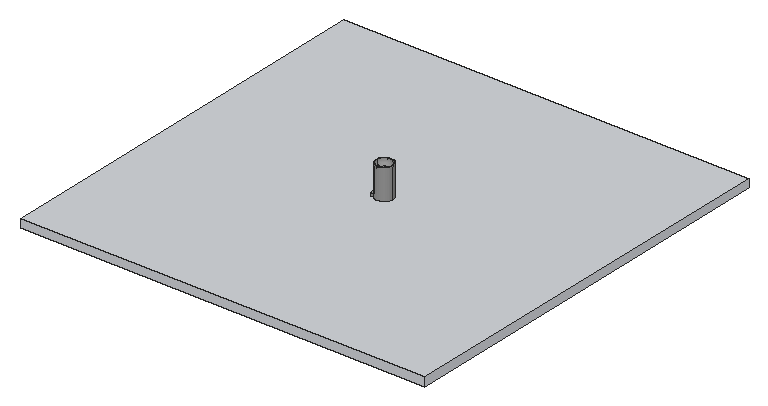
Revit family "LAMP_KOMBIC 100 SURFACE TRACK 2000 CRI80 OPAL DALI", category Luminarias, Revit 2018
Family settings
  Anfitrión = Cara
  Cota de conector redondo = Diámetro de uso
  Tipo de pieza = Normal
  Corte con vacíos al cargar = No
  Origen de luz = Sí
  Compartido = No
  Punto de cálculo de habitación = No
Parameters (values of type "1392LM 3000K  M/B")
  Ángulo de inclinación = -90.00°
  Weight = 0.498 kg
  UGR = ""
  Type = "COB PHILIPS"
  Protection rating = "IP40"
  Product datasheet = "http://www.lamp.es/product-files/TECH/K11TK2040OP830NMB-EN.pdf"
  Product code = "K11TK2040OP830DMB"
  Product URL = "https://www.lamp.es/en/family/kombic-surface_474354"
  Power Supply = "220-240V 50/60Hz"
  Power = 12 W
  Plum = 13.4 W
  Modelo = Product code  # "K11TK2040OP830DMB"
  Model explanation = "Possibility of chossing between surface or suspended within the model"
  Material reflector = LAMP_PC Reflector Kombic Metalizado Mate
  Material floron = LAMP_Plástico genérico NG
  Material difusor = LAMP_PMMA Difusor Kombic
  Material cuerpo = LAMP_Plástico genérico NG
  Material cable suspension = LAMP_Acero genérico
  Manufacturer name = "LAMP"
  Manufacturer country = "Spain"
  Manufacturer URL = "http://www.lamp.es/en"
  MacAdam = "3"
  Luminaire type = "Track"
  Last update = "27/07/2021"
  Lamp = "COB LED"
  LED Lifetime = "50.000 L80 B10"
  Insulation class = "I"
  Installation instructions = "https://www.lamp.es/product-files/packed/by-family/474354_INS_all.zip"
  IEE = "A+"
  Wattage = 13.4 W
  built-in parameter 1150107 = 3000 (stored number, unit not read)
  built-in parameter 1150110 = 1 (stored number, unit not read)
  built-in parameter 1150109 = 1 (stored number, unit not read)
  built-in parameter 1150112 = 1 (stored number, unit not read)
  built-in parameter 1150113 = 1 (stored number, unit not read)
  built-in parameter 1114218 = 1 (stored number, unit not read)
  built-in parameter 1150137 = (empty or 0)
  built-in parameter 1150132 = 2
  built-in parameter 1150105 = 110.79 (stored number, unit not read)
  built-in parameter 1150102 = (empty or 0)
  built-in parameter 1150106 = 1.1079 (stored number, unit not read)
  Height = 180 mm
  Gear = "Electronic"
  Lumens = 1392.26 lm
  Finish = "Matte black RAL 9011"
  Color Filter = 16777215
  built-in parameter 1114217 = 1 (stored number, unit not read)
  built-in parameter 1150139 = (empty or 0)
  Fabricante = Manufacturer name  # "LAMP"
  Default Elevation = 1219.2 mm
  built-in parameter 1150104 = 9.6526 (stored number, unit not read)
  Efficacy = 103.9 lm/W
  Diameter = 100 mm
  built-in parameter 1150115 = 1 (stored number, unit not read)
  built-in parameter 1150114 = 1 (stored number, unit not read)
  built-in parameter 1150138 = (empty or 0)
  built-in parameter 1150134 = (empty or 0)
  Dimming Lamp Color Temperature Shift = (empty or 0)
  CRI = "80"
  Archivo de red fotométrica = "K11rd2040OP830NMw.IES"
  built-in parameter 1150133 = 10 (stored number, unit not read)
Types (12, lengths in mm): name | Product datasheet | Product code | Plum | Modelo | Material reflector | Material cuerpo | Wattage | built-in parameter 1150107 | built-in parameter 1150105 | built-in parameter 1150106 | Lumens | Finish | built-in parameter 1150104 | Efficacy | built-in parameter 1150134 | Archivo de red fotométrica
  1392LM 3000K  M/B | "http://www.lamp.es/product-files/TECH/K11TK2040OP830NMB-EN.pdf" | "K11TK2040OP830DMB" | 13.4 W | "K11TK2040OP830DMB" | LAMP_PC Reflector Kombic Metalizado Mate | LAMP_Plástico genérico NG | 13.4 W | 3000 (stored number, unit not read) | 110.79 (stored number, unit not read) | 1.1079 (stored number, unit not read) | 1392.26 lm | "Matte black RAL 9011" | 9.6526 (stored number, unit not read) | 103.9 lm/W | (empty or 0) | "K11rd2040OP830NMw.IES"
  1392LM 3000K  M/W | "http://www.lamp.es/product-files/TECH/K11TK2040OP830NMW-EN.pdf" | "K11TK2040OP830DMW" | 13.4 W | "K11TK2040OP830DMW" | LAMP_PC Reflector Kombic Metalizado Mate | LAMP_Plástico genérico BL | 13.4 W | 3000 (stored number, unit not read) | 110.79 (stored number, unit not read) | 1.1079 (stored number, unit not read) | 1392.26 lm | "Matte Traffic white RAL 9016" | 9.6526 (stored number, unit not read) | 103.9 lm/W | (empty or 0) | "K11rd2040OP830NMW.IES"
  1454LM 3000K  W/B | "http://www.lamp.es/product-files/TECH/K11TK2040OP830NWB-EN.pdf" | "K11TK2040OP830DWB" | 13.4 W | "K11TK2040OP830DWB" | LAMP_PC Reflector Kombic Blanco | LAMP_Plástico genérico NG | 13.4 W | 3000 (stored number, unit not read) | 1301 (stored number, unit not read) | 13.01 (stored number, unit not read) | 1453.9 lm | "Matte black RAL 9011" | 10.08 (stored number, unit not read) | 108.5 lm/W | (empty or 0) | "K11rd2040OP830NWw.IES"
  1454LM 3000K  W/W | "http://www.lamp.es/product-files/TECH/K11TK2040OP830NWW-EN.pdf" | "K11TK2040OP830DWW" | 13.4 W | "K11TK2040OP830DWW" | LAMP_PC Reflector Kombic Blanco | LAMP_Plástico genérico BL | 13.4 W | 3000 (stored number, unit not read) | 1301 (stored number, unit not read) | 13.01 (stored number, unit not read) | 1453.9 lm | "Matte Traffic white RAL 9016" | 10.08 (stored number, unit not read) | 108.5 lm/W | (empty or 0) | "K11rd2040OP830NWW.IES"
  1460LM 3000K  BR/B | "http://www.lamp.es/product-files/TECH/K11TK2040OP830NRB-EN.pdf" | "K11TK2040OP830DRB" | 13.7 W | "K11TK2040OP830DRB" | LAMP_PC Reflector Kombic Metalizado Brillante | LAMP_Plástico genérico NG | 13.7 W | 3000 (stored number, unit not read) | 1429 (stored number, unit not read) | 14.29 (stored number, unit not read) | 1460.42 lm | "Matte black RAL 9011" | 9.9035 (stored number, unit not read) | 106.6 lm/W | (empty or 0) | "K11rd2040OP830NRw.IES"
  1460LM 3000K  BR/W | "http://www.lamp.es/product-files/TECH/K11TK2040OP830NRW-EN.pdf" | "K11TK2040OP830DRW" | 13.7 W | "K11TK2040OP830DRW" | LAMP_PC Reflector Kombic Metalizado Brillante | LAMP_Plástico genérico BL | 13.7 W | 3000 (stored number, unit not read) | 1429 (stored number, unit not read) | 14.29 (stored number, unit not read) | 1460.42 lm | "Matte Traffic white RAL 9016" | 9.9035 (stored number, unit not read) | 106.6 lm/W | (empty or 0) | "K11rd2040OP830NRW.IES"
  1474LM 4000K  M/B | "http://www.lamp.es/product-files/TECH/K11TK2040OP840NMB-EN.pdf" | "K11TK2040OP840DMB" | 13.4 W | "K11TK2040OP840DMB" | LAMP_PC Reflector Kombic Metalizado Mate | LAMP_Plástico genérico NG | 13.4 W | 4000 (stored number, unit not read) | 1319 (stored number, unit not read) | 13.19 (stored number, unit not read) | 1474 lm | "Matte black RAL 9011" | 10.219 (stored number, unit not read) | 110 lm/W | 12 | "K11rd2040OP840NMw.IES"
  1474LM 4000K  M/W | "http://www.lamp.es/product-files/TECH/K11TK2040OP840NMW-EN.pdf" | "K11TK2040OP840DMW" | 13.4 W | "K11TK2040OP840DMW" | LAMP_PC Reflector Kombic Metalizado Mate | LAMP_Plástico genérico BL | 13.4 W | 4000 (stored number, unit not read) | 1319 (stored number, unit not read) | 13.19 (stored number, unit not read) | 1474 lm | "Matte Traffic white RAL 9016" | 10.219 (stored number, unit not read) | 110 lm/W | 12 | "K11rd2040OP840NMW.IES"
  1541LM 4000K  W/B | "http://www.lamp.es/product-files/TECH/K11TK2040OP840NWB-EN.pdf" | "K11TK2040OP840DWB" | 13.4 W | "K11TK2040OP840DWB" | LAMP_PC Reflector Kombic Blanco | LAMP_Plástico genérico NG | 13.4 W | 4000 (stored number, unit not read) | 1378.9 (stored number, unit not read) | 13.789 (stored number, unit not read) | 1541 lm | "Matte black RAL 9011" | 10.684 (stored number, unit not read) | 115 lm/W | 12 | "K11rd2040OP840NWw.IES"
  1541LM 4000K  W/W | "http://www.lamp.es/product-files/TECH/K11TK2040OP840NWW-EN.pdf" | "K11TK2040OP840DWW" | 13.4 W | "K11TK2040OP840DWW" | LAMP_PC Reflector Kombic Blanco | LAMP_Plástico genérico BL | 13.4 W | 4000 (stored number, unit not read) | 1378.9 (stored number, unit not read) | 13.789 (stored number, unit not read) | 1541 lm | "Matte Traffic white RAL 9016" | 10.684 (stored number, unit not read) | 115 lm/W | 12 | "K11rd2040OP840NWW.IES"
  1547LM 4000K  BR/B | "http://www.lamp.es/product-files/TECH/K11TK2040OP840NRB-EN.pdf" | "K11TK2040OP840DRB" | 13.4 W | "K11TK2040OP840DRB" | LAMP_PC Reflector Kombic Metalizado Brillante | LAMP_Plástico genérico NG | 13.4 W | 4000 (stored number, unit not read) | 1383.7 (stored number, unit not read) | 13.837 (stored number, unit not read) | 1546.36 lm | "Matte black RAL 9011" | 10.721 (stored number, unit not read) | 115.4 lm/W | 12 | "K11rd2040OP840NRw.IES"
  1547LM 4000K  BR/W | "http://www.lamp.es/product-files/TECH/K11TK2040OP840NRW-EN.pdf" | "K11TK2040OP840DRW" | 13.4 W | "K11TK2040OP840DRW" | LAMP_PC Reflector Kombic Metalizado Brillante | LAMP_Plástico genérico BL | 13.4 W | 4000 (stored number, unit not read) | 1383.7 (stored number, unit not read) | 13.837 (stored number, unit not read) | 1546.36 lm | "Matte Traffic white RAL 9016" | 10.721 (stored number, unit not read) | 115.4 lm/W | 12 | "K11rd2040OP840NRw.IES"
Reference planes
  plane 1 "Centro (Frontal/Posterior)": y = 0
  plane 2: z = 0
  plane 3 "Centro (Izquierda/Derecha)": x = 0
Forms (mm)
  Extrusion 1, solid
    sketch origin (0, 0, 0) x (1, 0, 0) y (0, 1, 0)
      loop
        line (-1219.2, 1219.2) -> (-1219.2, -1219.2) -> (1219.2, -1219.2) -> (1219.2, 1219.2) -> (-1219.2, 1219.2)
    from 0 to -50
  Extrusion 2, solid, material "LAMP_Plástico genérico NG" <- "Material cuerpo"
    sketch origin (0, 0, 0) x (1, 0, 0) y (0, 1, 0)
      loop
        circle (0, 0) r 50
    from 14 to 194
  Extrusion 3, void
    sketch origin (0, 0, 0) x (1, 0, 0) y (0, 1, 0)
      loop
        circle (0, 0) r 48
    from 25.333 to 194
  Sweep 4, solid, material "LAMP_PC Reflector Kombic Metalizado Mate" <- "Material reflector"
    path origin (105.103, -251.845, 194) x (1, 0, 0) y (0, 1, 0)
      loop
        circle (-105.103, 251.959) r 48
    profile origin (0, 48.114, 194) x (0, -1, 0) y (0, 0, 1)
      loop
        arc (0, 0) -> (6.616, -20.646) -> (24, -33.6) r 35.52
        line (24, -33.6) -> (24, -32.6)
        arc (24, -32.6) -> (7.196, -20.217) -> (2, 0) r 31.112
        line (2, 0) -> (0, 0)
  Extrusion 5, solid, material "LAMP_PMMA Difusor Kombic" <- "Material difusor"
    sketch origin (0, 0, 0) x (1, 0, 0) y (0, 1, 0)
      loop
        circle (0, 0) r 24
    from 160.4 to 161.4
  Extrusion 6, solid, material "LAMP_Plástico genérico NG" <- "Material cuerpo"
    sketch origin (0, 0, 0) x (1, 0, 0) y (0, 1, 0)
      loop
        arc (-66.129, 16) -> (-70, 0) -> (-66.129, -16) r 35
        line (-66.129, -16) -> (-3.871, -16)
        arc (-3.871, -16) -> (0, 0) -> (-3.871, 16) r 35
        line (-3.871, 16) -> (-66.129, 16)
    from -26 to 14
  Extrusion 7, void
    sketch origin (0, 0, 0) x (0, 1, 0) y (0, 0, 1)
      loop
        line (17, 0) -> (7, 0) -> (7, -25) -> (-7, -25) -> (-7, 0) -> (-17, 0) -> (-17, -26) -> (17, -26) -> (17, 0)
    from -82.029 to 0
Cuts and joins
  Extrusion 3 cuts Extrusion 2
  Extrusion 7 cuts Extrusion 6
Text (mm)
  text "Any modification of the parameters and properties of the LAMP BIM models must be executed and validated by the LAMP technical department.\nPhone: +34 93 736 68 00\nE-mail: lamp@lamp.es\n\nLAMP reserves the right to modify the technical specifications of its products." at (1856.491, -4316.333, -2622.127), in view "Preview"
Dimensions and locks
  Extrusion 2 to Extrusion 2 = 180 mm
  cut or joined group of Extrusion 2, Extrusion 3 to cut or joined group of Extrusion 2, Extrusion 3 = 168.667 mm
  aligned and locked: plane 2 to Extrusion 1
  aligned and locked: level to Extrusion 1
  aligned and locked: Extrusion 2 to Extrusion 3
  aligned and locked: Sweep 4 to Extrusion 5
  aligned and locked: Extrusion 5 to Sweep 4
  aligned and locked: imposter light to cut or joined group of Extrusion 2, Extrusion 3
Connectors
  electrical at (0, 0, 14)
    settings: on cut or joined group of Extrusion 2, Extrusion 3, index 1, voltage 230 V, apparent load 0 VA, apparent load phase1 0 VA, apparent load phase2 0 VA, apparent load phase3 0 VA, power factor 1, load classification "Otro", number of poles 1, system type 31, power factor state 1, is connector primary yes, connector utility no, sub classification motor no, connector description ""
